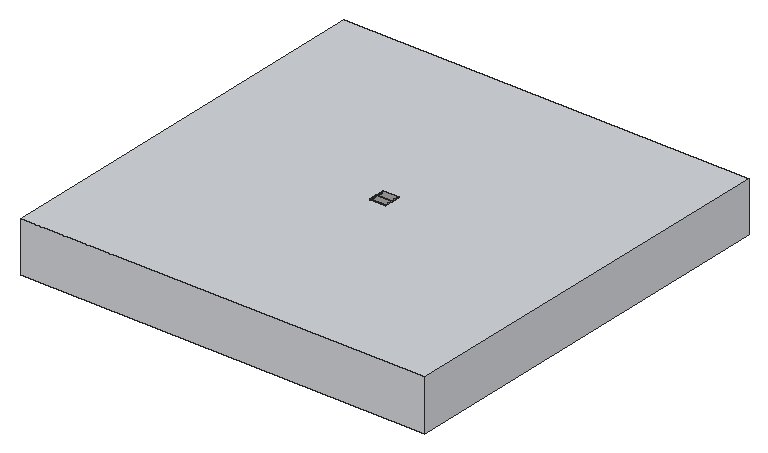
Revit family "Gira_5032126", category Elektroinstallationen, Revit 2017
Family settings
  Basisbauteil = Fläche
  Beschriftungsausrichtung beibehalten = Nein
  Bemaßung runder Anschluss = Durchmesser verwenden
  Teiletyp = Normal
  Beim Laden mit Abzugskörper schneiden = Nein
  Gemeinsam genutzt = Nein
  Raumberechnungspunkt = Nein
Parameters (values of type "Wippenset 2f indiv. Tastsens.4 TS4 Alum.Schwarz")
  Werkstoffgüte = "Aluminium"
  Werkstoff Text = "Metall"
  Default Elevation = 1219.2 mm
  URL = "https://www.gira.de/"
  Typname = "Wippenset 2f indiv. Tastsens.4 TS4 Alum.Schwarz"
  Type Comments = ""
  Transparent = no
  Produktseite = "https://media.stage.bim.site/t/eyJhbGciOiJIUzI1NiIsInR5cCI6IkpXVCJ9.eyJjdCI6MiwidHUiOiJodHRwOi8va2F0YWxvZy5naXJhLmRlL2RlX0RFL2RhdGVuYmxhdHQuaHRtbD9hcnRpa2VsbnI9NTAzMjEyNiIsImNpZCI6IjMyNzdjYzIzLTgxYTktNGVlMy1hOTBhLWI0N2JiNGMwYjYxNiIsInJpZCI6IjFhMjNiYTRlNzA2ZjJjZDkwOWIyOTdjZjRhNTI3MjcyIiwicGlkIjoiZDEyY2U0MDRjZTAwOTk5OGUzNTg5NzNiNWFjNjZkYWU4NmI5YWFiMSIsInNpZCI6IjYzNDcwIiwidXQiOjEsImxjIjoiZGUiLCJpYXQiOjE2MDA5NDU3MDMsImlzcyI6Imh0dHBzOi8vYXBpLmxpdmUuYmltLnNpdGUiLCJzdWIiOiJhZG1pbkBiaW1zaXRlLmRldiJ9.d1bT0q9UlmNSoaRegVXXok8jcvDE5O4MzE2NLo-81l4"
  Model = ""
  Cost = 0
  Hersteller = "Gira"
  HeinzeBIM = "https://www.heinze.de/bim/wippenset-2f-indiv-tastsens-4-ts4-alum-schwarz/d12ce404ce009998e358973b5ac66dae86b9aab1"
  HAN = "5032126"
  GTIN = "4010337072621"
  Funk bidirektional = no
  Farbe = "schwarz"
  Datenblatt 1 = "https://media.stage.bim.site/t/eyJhbGciOiJIUzI1NiIsInR5cCI6IkpXVCJ9.eyJjdCI6MSwidGYiOiJwdWJsaWMvZ2lyYS9hZThjNTU3LzUwMzIxMjYudHh0IiwiY2lkIjoiMzI3N2NjMjMtODFhOS00ZWUzLWE5MGEtYjQ3YmI0YzBiNjE2IiwicmlkIjoiMWEyM2JhNGU3MDZmMmNkOTA5YjI5N2NmNGE1MjcyNzIiLCJwaWQiOiJkMTJjZTQwNGNlMDA5OTk4ZTM1ODk3M2I1YWM2NmRhZTg2YjlhYWIxIiwic2lkIjoiNjM0NzAiLCJ1dCI6MSwibGMiOiJkZSIsImlhdCI6MTYwMDk0NTcwMywiaXNzIjoiaHR0cHM6Ly9hcGkubGl2ZS5iaW0uc2l0ZSIsInN1YiI6ImFkbWluQGJpbXNpdGUuZGV2In0.xaQic0--A6_nxLpXQZ4ljoJdLb9a0sqFD3feOJsuvuo/5032126.txt"
  Datenblatt = "https://media.stage.bim.site/t/eyJhbGciOiJIUzI1NiIsInR5cCI6IkpXVCJ9.eyJjdCI6MSwidHUiOiJodHRwczovL2thdGFsb2cuZ2lyYS5kZS9kZV9ERS9kb3dubG9hZC5odG1sP2FydGlrZWxucj01MDMyMTI2IiwiY2lkIjoiMzI3N2NjMjMtODFhOS00ZWUzLWE5MGEtYjQ3YmI0YzBiNjE2IiwicmlkIjoiMWEyM2JhNGU3MDZmMmNkOTA5YjI5N2NmNGE1MjcyNzIiLCJwaWQiOiJkMTJjZTQwNGNlMDA5OTk4ZTM1ODk3M2I1YWM2NmRhZTg2YjlhYWIxIiwic2lkIjoiNjM0NzAiLCJ1dCI6MSwibGMiOiJkZSIsImlhdCI6MTYwMDk0NTcwMywiaXNzIjoiaHR0cHM6Ly9hcGkubGl2ZS5iaW0uc2l0ZSIsInN1YiI6ImFkbWluQGJpbXNpdGUuZGV2In0.rwxf1C7YCc6xWJRVJk00ag3D27Z6j9TRW9wOJgQtGQk"
  Bussystem Powernet = no
  Bussystem LON = no
  Bussystem KNX-Funk = no
  Bussystem KNX = yes
  Bussystem Funkbus = no
  Beschreibung = "Wippenset 2fach individuell für Tastsensor 4  Aluminium Schwarz Hinweise :  Beschreibbare Wippensets können mit einer individuellen Beschriftung versehen werden. Die Bestellung wird über den Großhandel abgewickelt, der beim Bestellvorgang der Wippen angegeben wurde.  Dieses Produkt kann ausschließlich über den Gira Beschriftungsservice bestellt werden.  Professionelle Beschriftung über den Gira Beschriftungsservice www.beschriftung.gira.de."
  Assembly Code = ""
  Keynote = ""
  BIMSITE_PRODUCT_ID = "d12ce404ce009998e358973b5ac66dae86b9aab1"
  BIM = "https://media.stage.bim.site/t/eyJhbGciOiJIUzI1NiIsInR5cCI6IkpXVCJ9.eyJjdCI6MSwidGYiOiJwdWJsaWMvZ2lyYS9hZThjNTU3LzQwXzUwMjIwMCBUUzQgV2lwcGVuc2V0IDJmYWNoLnJmYSIsImNpZCI6IjMyNzdjYzIzLTgxYTktNGVlMy1hOTBhLWI0N2JiNGMwYjYxNiIsInJpZCI6IjFhMjNiYTRlNzA2ZjJjZDkwOWIyOTdjZjRhNTI3MjcyIiwicGlkIjoiZDEyY2U0MDRjZTAwOTk5OGUzNTg5NzNiNWFjNjZkYWU4NmI5YWFiMSIsInNpZCI6IjYzNDcwIiwidXQiOjUsImxjIjoiZGUiLCJpYXQiOjE2MDA5NDU3MDMsImlzcyI6Imh0dHBzOi8vYXBpLmxpdmUuYmltLnNpdGUiLCJzdWIiOiJhZG1pbkBiaW1zaXRlLmRldiJ9.J9xI6Oh9NRtwzaiPcLRDLtjvKrpTtsggb3wWJg-9hkc/40_502200 TS4 Wippenset 2fach.rfa"
  Andere Bussysteme = "ohne"
Reference planes
  plane 1 "Center (Front/Back)": y = 0
  plane 2: z = 0
  plane 3 "Center (Left/Right)": x = 0
Forms (mm)
  Extrusion 1, solid
    sketch origin (0, 0, 0) x (1, 0, 0) y (0, 1, 0)
      loop
        line (-1219.2, 1219.2) -> (-1219.2, -1219.2) -> (1219.2, -1219.2) -> (1219.2, 1219.2) -> (-1219.2, 1219.2)
    from 0 to -304.8
Dimensions and locks
  aligned and locked: plane 2 to Extrusion 1
  aligned and locked: level to Extrusion 1
Nested families
  nested 1: "40_502100 TS4 Wippenset 2fach" at (0, 0, 0), type "40_502100 TS4 Wippenset 2fach"
Definition of nested family "40_502100 TS4 Wippenset 2fach"
  Parameters
    White = none
  Reference planes
    plane 1 "Center (Front/Back)": y = 0
    plane 2: z = 0
    plane 3 "Center (Left/Right)": x = 0
  Forms (mm)
    Extrusion 1, solid, material <- "White", detail levels fine
      sketch origin (0, 0, 0) x (1, 0, 0) y (0, 1, 0)
        loop
          arc (-46.5, 47.5) -> (-47.207, 47.207) -> (-47.5, 46.5) r 1
          line (-47.5, 46.5) -> (-47.5, 24.8) -> (-42.5, 24.8)
          arc (-42.5, 24.8) -> (-41.5, 23.8) -> (-42.5, 22.8) r 1
          line (-42.5, 22.8) -> (-47.5, 22.8) -> (-47.5, 1.15)
          arc (-47.5, 1.15) -> (-47.207, 0.443) -> (-46.5, 0.15) r 1
          line (-46.5, 0.15) -> (46.5, 0.15)
          arc (46.5, 0.15) -> (47.207, 0.443) -> (47.5, 1.15) r 1
          line (47.5, 1.15) -> (47.5, 22.8) -> (42.5, 22.8)
          arc (42.5, 22.8) -> (41.5, 23.8) -> (42.5, 24.8) r 1
          line (42.5, 24.8) -> (47.5, 24.8) -> (47.5, 46.5)
          arc (47.5, 46.5) -> (47.207, 47.207) -> (46.5, 47.5) r 1
          line (46.5, 47.5) -> (-46.5, 47.5)
        loop
          arc (46.5, -47.5) -> (47.207, -47.207) -> (47.5, -46.5) r 1
          line (47.5, -46.5) -> (47.5, -24.8) -> (42.5, -24.8)
          arc (42.5, -24.8) -> (41.5, -23.8) -> (42.5, -22.8) r 1
          line (42.5, -22.8) -> (47.5, -22.8) -> (47.5, -1.15)
          arc (47.5, -1.15) -> (47.207, -0.443) -> (46.5, -0.15) r 1
          line (46.5, -0.15) -> (-46.5, -0.15)
          arc (-46.5, -0.15) -> (-47.207, -0.443) -> (-47.5, -1.15) r 1
          line (-47.5, -1.15) -> (-47.5, -22.8) -> (-42.5, -22.8)
          arc (-42.5, -22.8) -> (-41.5, -23.8) -> (-42.5, -24.8) r 1
          line (-42.5, -24.8) -> (-47.5, -24.8) -> (-47.5, -46.5)
          arc (-47.5, -46.5) -> (-47.207, -47.207) -> (-46.5, -47.5) r 1
          line (-46.5, -47.5) -> (46.5, -47.5)
      from 0 to 3.1
    Extrusion 2, solid, material <- "White", detail levels fine
      sketch origin (0, 0, 0) x (1, 0, 0) y (0, 1, 0)
        loop
          line (43.976, 44.188) -> (-43.976, 44.188) -> (-43.976, 0.15) -> (43.976, 0.15) -> (43.976, 44.188)
        loop
          line (43.976, -44.188) -> (43.976, -0.15) -> (-43.976, -0.15) -> (-43.976, -44.188) -> (43.976, -44.188)
      from 0 to -1.5
    Extrusion 3, solid, detail levels fine
      sketch origin (0, 0, 0) x (1, 0, 0) y (0, 0, 1)
        loop
          arc (-1.639, -4) -> (-1.115, -3.694) -> (-1.122, -3.087) r 0.603
          arc (-1.122, -3.087) -> (-0.011, -1.666) -> (1.122, -3.087) r 1.145
          arc (1.122, -3.087) -> (1.115, -3.694) -> (1.639, -4) r 0.603
          line (1.639, -4) -> (2.5, -4) -> (3.5, -1.5) -> (-3.5, -1.5) -> (-2.5, -4) -> (-1.639, -4)
      from 41.985 to 44.199
    Extrusion 4, solid, detail levels fine
      sketch origin (0, 0, 0) x (1, 0, 0) y (0, 0, -1)
        loop
          line (-1.639, 4) -> (-2.5, 4) -> (-3.5, 1.5) -> (3.5, 1.5) -> (2.5, 4) -> (1.639, 4)
          arc (1.639, 4) -> (1.115, 3.694) -> (1.122, 3.087) r 0.603
          arc (1.122, 3.087) -> (-0.011, 1.666) -> (-1.122, 3.087) r 1.145
          arc (-1.122, 3.087) -> (-1.115, 3.694) -> (-1.639, 4) r 0.603
      from 41.985 to 44.199
    Extrusion 5, solid, material <- "White", detail levels medium
      sketch origin (0, 0, 0) x (1, 0, 0) y (0, 1, 0)
        loop
          line (43.976, 44.188) -> (-43.976, 44.188) -> (-43.976, 0.15) -> (43.976, 0.15) -> (43.976, 44.188)
        loop
          line (43.976, -44.188) -> (43.976, -0.15) -> (-43.976, -0.15) -> (-43.976, -44.188) -> (43.976, -44.188)
      from 0 to -4
    Extrusion 6, solid, material <- "White", detail levels medium
      sketch origin (0, 0, 0) x (1, 0, 0) y (0, 1, 0)
        loop
          line (-47.5, 47.5) -> (-47.5, 0.15) -> (47.5, 0.15) -> (47.5, 47.5) -> (-47.5, 47.5)
        loop
          line (47.5, -47.5) -> (47.5, -0.15) -> (-47.5, -0.15) -> (-47.5, -47.5) -> (47.5, -47.5)
      from 0 to 3.3
    Extrusion 7, solid, material <- "White", detail levels fine
      sketch origin (0, 0, 0) x (1, 0, 0) y (0, 1, 0)
        loop
          line (-43.976, 44.188) -> (-43.976, 40.908) -> (-42.655, 40.908) -> (-42.655, 44.188) -> (-43.976, 44.188)
        loop
          line (43.976, 44.188) -> (42.655, 44.188) -> (42.655, 40.908) -> (43.976, 40.908) -> (43.976, 44.188)
        loop
          line (-43.976, -44.188) -> (-42.655, -44.188) -> (-42.655, -40.908) -> (-43.976, -40.908) -> (-43.976, -44.188)
        loop
          line (43.976, -44.188) -> (43.976, -40.908) -> (42.655, -40.908) -> (42.655, -44.188) -> (43.976, -44.188)
      from 0 to -4
    Extrusion 8, solid, detail levels fine
      sketch origin (0, 0, 0) x (1, 0, 0) y (0, 1, 0)
        loop
          line (-47.5, 24.8) -> (-47.5, 22.8) -> (-42.5, 22.8)
          arc (-42.5, 22.8) -> (-41.5, 23.8) -> (-42.5, 24.8) r 1
          line (-42.5, 24.8) -> (-47.5, 24.8)
        loop
          line (47.5, 24.8) -> (42.5, 24.8)
          arc (42.5, 24.8) -> (41.5, 23.8) -> (42.5, 22.8) r 1
          line (42.5, 22.8) -> (47.5, 22.8) -> (47.5, 24.8)
        loop
          line (-47.5, -24.8) -> (-42.5, -24.8)
          arc (-42.5, -24.8) -> (-41.5, -23.8) -> (-42.5, -22.8) r 1
          line (-42.5, -22.8) -> (-47.5, -22.8) -> (-47.5, -24.8)
        loop
          line (47.5, -24.8) -> (47.5, -22.8) -> (42.5, -22.8)
          arc (42.5, -22.8) -> (41.5, -23.8) -> (42.5, -24.8) r 1
          line (42.5, -24.8) -> (47.5, -24.8)
      from 0 to 3.3
    Extrusion 9, solid, detail levels coarse
      sketch origin (0, 0, 0) x (1, 0, 0) y (0, 1, 0)
        loop
          line (-47.5, 47.5) -> (-47.5, -47.5) -> (47.5, -47.5) -> (47.5, 47.5) -> (-47.5, 47.5)
      from -4 to 3.3
    Extrusion 10, solid, material <- "White", detail levels fine
      sketch origin (0, 23.8, 0) x (1, 0, 0) y (0, 1, 0)
        loop
          line (-41.852, 6.181) -> (-43.976, 4.461) -> (-43.976, -4.461) -> (-41.852, -6.181)
          arc (-41.852, -6.181) -> (-38.884, -6.014) -> (-38.763, -3.043) r 2.212
          line (-38.763, -3.043) -> (-38.763, 3.043)
          arc (-38.763, 3.043) -> (-38.884, 6.014) -> (-41.852, 6.181) r 2.212
        loop
          arc (-39.415, 3.847) -> (-39.669, 5.38) -> (-41.223, 5.404) r 1.212
          line (-41.223, 5.404) -> (-42.938, 4.015) -> (-40.57, 1.883) -> (-39.415, 3.847)
        loop
          line (-39.415, -3.847) -> (-40.57, -1.883) -> (-42.938, -4.015) -> (-41.223, -5.404)
          arc (-41.223, -5.404) -> (-39.669, -5.38) -> (-39.415, -3.847) r 1.212
        loop
          arc (41.852, 6.181) -> (38.884, 6.014) -> (38.763, 3.043) r 2.212
          line (38.763, 3.043) -> (38.763, -3.043)
          arc (38.763, -3.043) -> (38.884, -6.014) -> (41.852, -6.181) r 2.212
          line (41.852, -6.181) -> (43.976, -4.461) -> (43.976, 4.461) -> (41.852, 6.181)
        loop
          line (39.415, 3.847) -> (40.57, 1.883) -> (42.938, 4.015) -> (41.223, 5.404)
          arc (41.223, 5.404) -> (39.669, 5.38) -> (39.415, 3.847) r 1.212
        loop
          arc (39.415, -3.847) -> (39.669, -5.38) -> (41.223, -5.404) r 1.212
          line (41.223, -5.404) -> (42.938, -4.015) -> (40.57, -1.883) -> (39.415, -3.847)
      from 0 to -3.6
    Extrusion 11, solid, detail levels fine
      sketch origin (0, -22.503, 0) x (1, 0, 0) y (0, 0, -1)
        loop
          line (-1.639, 4) -> (-2.5, 4) -> (-3.5, 1.5) -> (3.5, 1.5) -> (2.5, 4) -> (1.639, 4)
          arc (1.639, 4) -> (1.115, 3.694) -> (1.122, 3.087) r 0.603
          arc (1.122, 3.087) -> (-0.011, 1.666) -> (-1.122, 3.087) r 1.145
          arc (-1.122, 3.087) -> (-1.115, 3.694) -> (-1.639, 4) r 0.603
      from 28.117 to 25.903
    Extrusion 12, solid, material <- "White", detail levels fine
      sketch origin (0, -25, 0) x (1, 0, 0) y (0, 1, 0)
        loop
          line (-43.976, 21.601) -> (-43.976, 18.309) -> (-42.655, 18.309) -> (-42.655, 21.601) -> (-43.976, 21.601)
        loop
          line (43.976, 21.601) -> (42.655, 21.601) -> (42.655, 18.309) -> (43.976, 18.309) -> (43.976, 21.601)
        loop
          line (-43.976, -19.188) -> (-42.655, -19.188) -> (-42.655, -15.908) -> (-43.976, -15.908) -> (-43.976, -19.188)
        loop
          line (43.976, -19.188) -> (43.976, -15.908) -> (42.655, -15.908) -> (42.655, -19.188) -> (43.976, -19.188)
      from 0 to -4
    Extrusion 13, solid, material <- "White", detail levels fine
      sketch origin (0, -23.8, 0) x (1, 0, 0) y (0, 1, 0)
        loop
          arc (-41.852, -6.181) -> (-38.884, -6.014) -> (-38.763, -3.043) r 2.212
          line (-38.763, -3.043) -> (-38.763, 3.043)
          arc (-38.763, 3.043) -> (-38.884, 6.014) -> (-41.852, 6.181) r 2.212
          line (-41.852, 6.181) -> (-43.976, 4.461) -> (-43.976, -4.461) -> (-41.852, -6.181)
        loop
          line (-39.415, -3.847) -> (-40.57, -1.883) -> (-42.938, -4.015) -> (-41.223, -5.404)
          arc (-41.223, -5.404) -> (-39.669, -5.38) -> (-39.415, -3.847) r 1.212
        loop
          arc (-39.415, 3.847) -> (-39.669, 5.38) -> (-41.223, 5.404) r 1.212
          line (-41.223, 5.404) -> (-42.938, 4.015) -> (-40.57, 1.883) -> (-39.415, 3.847)
        loop
          line (41.852, -6.181) -> (43.976, -4.461) -> (43.976, 4.461) -> (41.852, 6.181)
          arc (41.852, 6.181) -> (38.884, 6.014) -> (38.763, 3.043) r 2.212
          line (38.763, 3.043) -> (38.763, -3.043)
          arc (38.763, -3.043) -> (38.884, -6.014) -> (41.852, -6.181) r 2.212
        loop
          arc (39.415, -3.847) -> (39.669, -5.38) -> (41.223, -5.404) r 1.212
          line (41.223, -5.404) -> (42.938, -4.015) -> (40.57, -1.883) -> (39.415, -3.847)
        loop
          line (39.415, 3.847) -> (40.57, 1.883) -> (42.938, 4.015) -> (41.223, 5.404)
          arc (41.223, 5.404) -> (39.669, 5.38) -> (39.415, 3.847) r 1.212
      from 0 to -3.6
    Extrusion 14, solid, detail levels fine
      sketch origin (0, 22.503, 0) x (1, 0, 0) y (0, 0, 1)
        loop
          arc (-1.639, -4) -> (-1.115, -3.694) -> (-1.122, -3.087) r 0.603
          arc (-1.122, -3.087) -> (-0.011, -1.666) -> (1.122, -3.087) r 1.145
          arc (1.122, -3.087) -> (1.115, -3.694) -> (1.639, -4) r 0.603
          line (1.639, -4) -> (2.5, -4) -> (3.5, -1.5) -> (-3.5, -1.5) -> (-2.5, -4) -> (-1.639, -4)
      from 28.117 to 25.903
    Extrusion 15, solid, material <- "White", detail levels fine
      sketch origin (0, 25, 0) x (1, 0, 0) y (0, 1, 0)
        loop
          line (-43.976, -21.601) -> (-42.655, -21.601) -> (-42.655, -18.309) -> (-43.976, -18.309) -> (-43.976, -21.601)
        loop
          line (43.976, -21.601) -> (43.976, -18.309) -> (42.655, -18.309) -> (42.655, -21.601) -> (43.976, -21.601)
        loop
          line (-43.976, 19.188) -> (-43.976, 15.908) -> (-42.655, 15.908) -> (-42.655, 19.188) -> (-43.976, 19.188)
        loop
          line (43.976, 19.188) -> (42.655, 19.188) -> (42.655, 15.908) -> (43.976, 15.908) -> (43.976, 19.188)
      from 0 to -4
  Cuts and joins
    joined: Extrusion 2, Extrusion 7, Extrusion 10
  Dimensions and locks
    aligned and locked: level to plane 2
